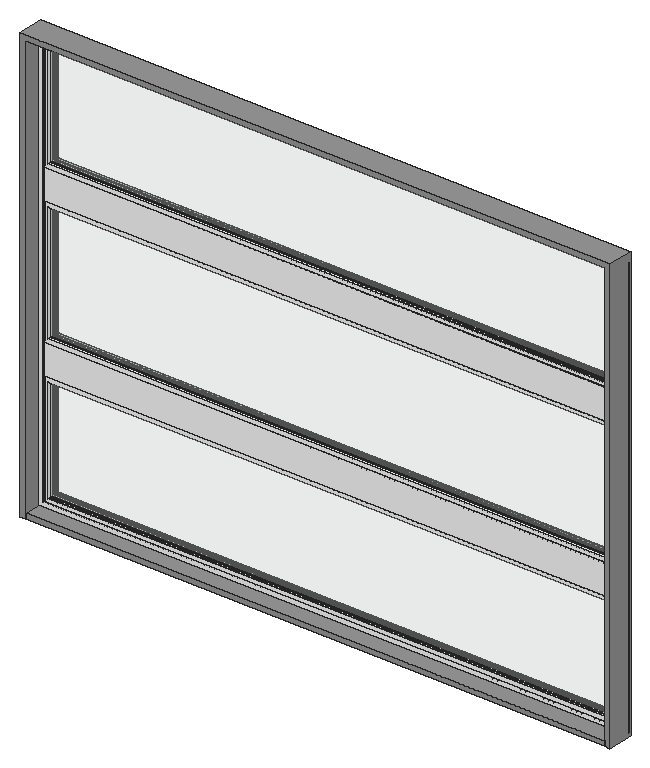
Revit family "WBW_F_1vak Hor_3vak Ver", category Windows, host Wall, Revit 2013
Parameters
  Versterking Buitenzijde = no
  Versterking Binnenzijde = yes
  VerborgenVleugelVerzwaard = no
  URL = "http://www.kawneer.com/bcs/architectuursystemen/en/about/locations.asp"
  Type Comments = "Vrij te parameteriseren Revit Model"  # constant formula
  Spouwdiepte = 130 mm
  Speling Pui_buitenblad MW Onderzijde = 10 mm
  Speling Pui_ buitenblad MW = 10 mm
  ScheduleType |RF| = "WBC_W_F"
  RT 72 = no
  RT 62 = yes
  RT 52 = no
  Operation = "IfcWindow"
  OffsetVkKozijnVkStelkozijn = 13 mm
  Nen 5096 R.c. 2 = no
  NL-SfB-Code = "31.21.22"  # constant formula
  Model = "NLSfb naam"
  Manufacturer Tel. = "+31341-464631 / harold.kok@arconic.com"  # constant formula
  Manufacturer = ""
  Kleur H&S = Aluminum, Anodized Silver
  Kleur Buitenzijde Vleugel = Kawneer RAL 9010
  Kleur Buitenzijde = Kawneer RAL 9010
  Kleur Binnenzijde Vleugel = Kawneer RAL 9010
  Kleur Binnenzijde = Kawneer RAL 9010
  Keynote = "30.34"
  Hoogte Tussen regel 5 = 0 mm
  Hoogte Tussen regel 4 = 0 mm
  Hoogte Tussen regel 3 = 0 mm
  Hoogte Tussen regel 2 = 1400 mm
  Hoogte Tussen regel 1 = 700 mm
  Height = 2200 mm
  HalveSpouw_OffsetVkKozijn_Stelkozijn = HalveSpouw + OffsetVkKozijnVkStelkozijn  # 78 mm
  HalveSpouw = Spouwdiepte / 2  # 65 mm
  GlassType = Glass, Clear Glazing, Low E
  Glasdikte (totaal) = 29 mm  # constant formula
  DikteStelkozijn_SpelingPui_BuitenbladMW = Dikte Stelkozijn - Speling Pui_ buitenblad MW  # 17 mm
  DikteStelkozijnOnderzijde_SpelingPui_BuitenbladMWOnderzijde = Dikte Stelkozijn onderzijde - Speling Pui_buitenblad MW Onderzijde  # 17 mm
  Dikte Stelkozijn onderzijde = 27 mm
  Dikte Stelkozijn = 27 mm
  Diepte Versterking Buitenzijde_30_50_85 = 30 mm
  Diepte Versterking Binnenzijde_30_55_75 = 75 mm
  Description 2 = if(RT 52, "' Standaard systeemomschrijving RT 52 standaard vlak", if(RT 62, "Standaard systeemomschrijving RT 62 standaard vlak", "Standaard systeemomschrijving RT 72 standaard vlak"))  # "Standaard systeemomschrijving RT 62 standaard vlak"
  Description = if(RT 52, "Kawneer RT 52 raamelement volgens productomschrijving:", if(RT 62, "Kawneer RT 62 raamelement volgens productomschrijving:", "Kawneer RT 72 raamelement volgens productomschrijving:"))  # "Kawneer RT 62 raamelement volgens productomschrijving:"
  Default Sill Height = 450 mm
  Wall Closure = By host
  Width = 3000 mm
  Cost = 0
  BreedteMaat_5 = 0 mm
  BreedteMaat_4 = 0 mm
  BreedteMaat_3 = 0 mm
  BreedteMaat_2 = Width * (2 / 3)  # 2000 mm
  BreedteMaat_1 = Width * (1 / 3)  # 1000 mm
  Brandwerendheid_old = no
  Brandwerendheid = no
  Brandwerend volgens: = if(and(RT 52, Brandwerendheid), "Niet mogelijk binnen dit systeem_kiest u RT 62 of RT 72", if(and(RT 62, Brandwerendheid), "Nen 6069 criteria Ew30 mits uitgevoerd conform rapport 2010-Efectis-R0226[Rev.4] Brandbeoordeling EW 30", if(and(RT 72, Brandwerendheid), "Nen 6069 criteria Ew30 mits uitgevoerd concorm rapport g2013005803r001DGMR RT72 brandbeoordeling EW30", "-")))  # "-"
  Beslag Resume 05 = if(Nen 5096 R.c. 2, "Inbraakwerend volgens attest kawneer SKG.0055.0292.07.NL (klasse 2)", "Niet inbraakwerend")  # "Niet inbraakwerend"
  Beslag Resume 04 = "Vaste beglazing"  # constant formula
  Assembly Code = "B2020110"
  Analytic Construction = "<None>"
  Aanzichtbreedte Tussen Stijlen _68_78_88_110_150_200mm = 78
  Aanzichtbreedte Tussen Regels _68_78_88_110_150_200mm = 200
  Aanzichtbreedte Kozijn Profielen_68_78_88_110_150mm = 68
  AanzichtLijnDraai = no
  Aanzicht Tussen Stijl 88mm = (Aanzichtbreedte Tussen Stijlen _68_78_88_110_150_200mm = 88)  # no
  Aanzicht Tussen Stijl 78mm = (Aanzichtbreedte Tussen Stijlen _68_78_88_110_150_200mm = 78)  # yes
  Aanzicht Tussen Stijl 68mm = (Aanzichtbreedte Tussen Stijlen _68_78_88_110_150_200mm = 68)  # no
  Aanzicht Tussen Stijl 200mm = (Aanzichtbreedte Tussen Stijlen _68_78_88_110_150_200mm = 200)  # no
  Aanzicht Tussen Stijl 150mm = (Aanzichtbreedte Tussen Stijlen _68_78_88_110_150_200mm = 150)  # no
  Aanzicht Tussen Stijl 110mm = (Aanzichtbreedte Tussen Stijlen _68_78_88_110_150_200mm = 110)  # no
  Aanzicht Tussen Stijl = ""
  Aanzicht Tussen Regel 88mm = (Aanzichtbreedte Tussen Regels _68_78_88_110_150_200mm = 88)  # no
  Aanzicht Tussen Regel 78mm = (Aanzichtbreedte Tussen Regels _68_78_88_110_150_200mm = 78)  # no
  Aanzicht Tussen Regel 68mm = (Aanzichtbreedte Tussen Regels _68_78_88_110_150_200mm = 68)  # no
  Aanzicht Tussen Regel 200mm = (Aanzichtbreedte Tussen Regels _68_78_88_110_150_200mm = 200)  # yes
  Aanzicht Tussen Regel 150mm = (Aanzichtbreedte Tussen Regels _68_78_88_110_150_200mm = 150)  # no
  Aanzicht Tussen Regel 110mm = (Aanzichtbreedte Tussen Regels _68_78_88_110_150_200mm = 110)  # no
  Aanzicht Tussen Regel = ""
  Aanzicht Kader 88mm = (Aanzichtbreedte Kozijn Profielen_68_78_88_110_150mm = 88)  # no
  Aanzicht Kader 78mm = (Aanzichtbreedte Kozijn Profielen_68_78_88_110_150mm = 78)  # no
  Aanzicht Kader 68mm = (Aanzichtbreedte Kozijn Profielen_68_78_88_110_150mm = 68)  # yes
  Aanzicht Kader 110mm = (Aanzichtbreedte Kozijn Profielen_68_78_88_110_150mm = 110)  # no
  Aanzicht Kader = ""
Reference planes
  plane 1 "Center (Front/Back)": y = 0
  plane 2 "Center (Left/Right)": x = 0
  plane 3 "Left": x = -1500
  plane 4 "Right": x = 1500
  plane 5 "Sill": z = 450
  plane 6 "Head": z = 2650
  plane 7 "Exterior": y = 100
  plane 8 "Interior": y = -100
  plane 9 "Dagkant Buitenblad metselwerk Links": x = -1510
  plane 10 "Dagkant Buitenblad metselwerk Rechts": x = 1510
  plane 11 "Dagkant Stelkozijn_Binnenblad metselwewrk Links": x = -1483
  plane 12 "Dagkant Stelkozijn_Binnenblad metselwewrk Rechts": x = 1483
  plane 13 "VK Pui": y = 78
  plane 14 "AK Buitenblad MW": y = 90
  plane 15 "VK Stelkozijn": y = 65
  plane 16 "AK Pui": y = -40
  plane 17 "VK Binnenblad MW": y = -65
  plane 18: z = 2660
  plane 19: z = 2633
  plane 20: z = 467
  plane 21: z = 440
Forms (mm)
  Sweep 1, void
    path origin (0, 100, 0) x (1, 0, 0) y (0, 0, 1)
      loop
        line (1500, 2650) -> (-1500, 2650) -> (-1500, 450) -> (1500, 450) -> (1500, 2650)
    profile origin (0, 100, 2650) x (0, 0, -1) y (0, -1, 0)
      loop
        line (-10, 0) -> (17, 0) -> (17, 165) -> (-10, 165) -> (-10, 0)
  Extrusion 2, void
    sketch origin (0, 100, 0) x (1, 0, 0) y (0, 0, 1)
      loop
        line (1483, 2633) -> (-1483, 2633) -> (-1483, 467) -> (1483, 467) -> (1483, 2633)
    from 0 to 200
  Sweep 3, solid, material "Wood"
    path origin (0, 0, 0) x (1, 0, 0) y (0, 0, 1)
      loop
        line (1499.822, 440) -> (1499.822, 2650) -> (-1500, 2650) -> (-1500, 440)
    profile origin (-0.089, 0, 2650) x (0, 0, -1) y (0, -1, 0)
      loop
        line (-10, -65) -> (17, -65) -> (17, 65) -> (-10, 65) -> (-10, -65)
  Sweep 4, solid, material "Wood"
    path origin (0, 0, 0) x (1, 0, 0) y (0, 0, 1)
      loop
        line (1482.822, 450) -> (-1483, 450)
    profile origin (-0.089, 0, 450) x (0, 0, -1) y (0, -1, 0)
      loop
        line (-17, -65) -> (10, -65) -> (10, 65) -> (-17, 65) -> (-17, -65)
Text (mm)
  text "EXTERIOR" at (-1963.203, 1332.353, 0), in view "Ref. Level"
  text "INTERIOR" at (-1981.466, -818.386, 0), in view "Ref. Level"
  text "Exterior" at (0, 923.751, 2943.296), in view "Right"
  text "Exterior" at (0, 1040.484, 2685.409), in view "Left"
Dimensions and locks
  equal spacing: plane 3 "Left", plane 2 "Center (Left/Right)", plane 4 "Right"
  "Width": plane 3 "Left" to plane 4 "Right"
  "Height": plane 5 "Sill" to plane 6 "Head"
  "Default Sill Height": plane 5 "Sill" to level
  locked: plane 7 "Exterior" to host wall at 0
  locked: plane 8 "Interior" to host wall
  "Speling Pui_ buitenblad MW": plane 9 "Dagkant Buitenblad metselwerk Links" to plane 3 "Left"
  "Speling Pui_ buitenblad MW": plane 4 "Right" to plane 10 "Dagkant Buitenblad metselwerk Rechts"
  "DikteStelkozijn_SpelingPui_BuitenbladMW": plane 3 "Left" to plane 11 "Dagkant Stelkozijn_Binnenblad metselwewrk Links"
  "DikteStelkozijn_SpelingPui_BuitenbladMW": plane 12 "Dagkant Stelkozijn_Binnenblad metselwewrk Rechts" to plane 4 "Right"
  "Speling Pui_ buitenblad MW": plane 6 "Head" to plane 18
  "Speling Pui_buitenblad MW Onderzijde": plane 5 "Sill" to plane 21
  "DikteStelkozijn_SpelingPui_BuitenbladMW": plane 19 to plane 6 "Head"
  "DikteStelkozijnOnderzijde_SpelingPui_BuitenbladMWOnderzijde": plane 5 "Sill" to plane 20
  "HalveSpouw": plane 15 "VK Stelkozijn" to plane 1 "Center (Front/Back)"
  "HalveSpouw": plane 1 "Center (Front/Back)" to plane 17 "VK Binnenblad MW"
  "HalveSpouw_OffsetVkKozijn_Stelkozijn": plane 13 "VK Pui" to plane 1 "Center (Front/Back)"
  aligned and locked: Sweep 1 sketch curve to plane 6 "Head"
  aligned and locked: Sweep 1 sketch curve to plane 4 "Right"
  aligned and locked: plane 5 "Sill" to Sweep 1 sketch curve
  aligned and locked: plane 3 "Left" to Sweep 1 sketch curve
  aligned and locked: Sweep 1 sketch curve to plane 18
  aligned and locked: plane 19 to Sweep 1 sketch curve
  aligned and locked: plane 17 "VK Binnenblad MW" to Sweep 1 sketch curve
  aligned and locked: Extrusion 2 sketch curve to Sweep 1  (x4)
  aligned and locked: host wall to Extrusion 2
  aligned and locked: Sweep 3 sketch curve to plane 6 "Head"
  aligned and locked: Sweep 3 sketch curve to plane 18
  aligned and locked: Sweep 3 sketch curve to plane 15 "VK Stelkozijn"
  aligned and locked: plane 19 to Sweep 3 sketch curve
  aligned and locked: plane 17 "VK Binnenblad MW" to Sweep 3 sketch curve
  aligned and locked: plane 21 to Sweep 3 sketch curve
  aligned and locked: plane 3 "Left" to Sweep 3 sketch curve
  aligned and locked: Sweep 4 sketch curve to plane 20
  aligned and locked: Sweep 4 sketch curve to plane 15 "VK Stelkozijn"
  aligned and locked: Sweep 4 sketch curve to Sweep 3  (x2)
  aligned and locked: nested 1 to plane 13 "VK Pui"
  aligned and locked: plane 6 "Head" to nested 1
  aligned and locked: plane 4 "Right" to nested 1
Automatic sketch dimensions
  Sweep 1 sketch curve to plane 7 "Exterior" = 0 mm
  Sweep 3 sketch curve to plane 21 = 0 mm
  plane 4 "Right" to Sweep 3 sketch curve = 0.178 mm
  Sweep 4 sketch curve to plane 5 "Sill" = 0 mm
  plane 11 "Dagkant Stelkozijn_Binnenblad metselwewrk Links" to Sweep 4 sketch curve = 0 mm
  plane 12 "Dagkant Stelkozijn_Binnenblad metselwewrk Rechts" to Sweep 4 sketch curve = 0.178 mm
Nested families
  nested 1: "GMW_F_1vak Hor_3vak Ver" at (0, 78, 1550), type "GMW_F_1vak Hor_3vak Ver"
    with HLPM 2145 mm
Definition of nested family "GMW_F_1vak Hor_3vak Ver"
  Parameters (values of type "GMW_F_1vak Hor_3vak Ver")
    Width = 3000 mm
    Versterking Buitenzijde = no
    Versterking Binnenzijde = yes
    VerborgenWaterAfvoer = no
    SysteemDiepteVleugel = SysteemDiepte + 7.8 mm  # 70 mm
    SysteemDiepte = if(RT 52, 52.2 mm, if(RT 62, 62.2 mm, 72.2 mm))  # 62.2 mm
    SweepOffset = (BodyHeight + 44 mm) / 2  # 34 mm
    ScharnierenAan_Uit = yes
    RT 72 = no
    RT 62 = yes
    RT 52 = no
    P3vleugel = SysteemDiepteVleugel - 32 mm  # 38 mm
    P3 = SysteemDiepte - 20.7 mm  # 41.5 mm
    Kleur H&S = Aluminum, Anodized Silver
    Kleur Buitenzijde Vleugel = Kawneer RAL 9010
    Kleur Buitenzijde = Kawneer RAL 9010
    Kleur Binnenzijde Vleugel = Kawneer RAL 9010
    Kleur Binnenzijde = Kawneer RAL 9010
    IsoPositionerVent = if(Aanzicht Vleugel 35mm, 42.7 mm, if(Aanzicht Vleugel 45mm, 52.7 mm, 73.7 mm))  # 52.7 mm
    IsoPositionerTProfile = if(Aanzicht Kader 68mm, 41 mm, if(Aanzicht Kader 78mm, 51 mm, if(Aanzicht Kader 88mm, 61 mm, 83 mm)))  # 41 mm
    Hoogte tussen regel = 645 mm
    Hoogte Tussen regel 5 = 0 mm
    Hoogte Tussen regel 4 = 0 mm
    Hoogte Tussen regel 3 = 0 mm
    Hoogte Tussen regel 2 = 1400 mm
    Hoogte Tussen regel 1 = 700 mm
    Height = 2200 mm
    Handgreep SI_line = no
    Handgreep A_line = no
    HLPM [instance] = 2145 mm
    Glassponning 2 = BodyHeight / 2  # 12 mm
    Glassponning 1 = BodyHeight / 2  # 12 mm
    GlassType = Glass, Clear Glazing, Low E
    Glasdikte (totaal) = 29 mm
    Diepte Versterking Buitenzijde_30_50_85 = 30 mm
    Diepte Versterking Binnenzijde_30_55_75 = 75 mm
    BreedteMaat_5 = 0 mm
    BreedteMaat_4 = 0 mm
    BreedteMaat_3 = 0 mm
    BreedteMaat_2 = 2000 mm
    BreedteMaat_1 = 1000 mm
    BodyHeightVent = if(Aanzicht Vleugel 35mm, 15.7 mm, if(Aanzicht Vleugel 45mm, 25.7 mm, 46.7 mm))  # 25.7 mm
    BodyHeight = if(Aanzicht Kader 68mm, 24 mm, if(Aanzicht Kader 78mm, 34 mm, if(Aanzicht Kader 88mm, 44 mm, 66 mm)))  # 24 mm
    Beslag Nen 5096 R.c. 3 = no
    Beslag Nen 5096 R.c. 2 = no
    AanzichtlLijnVal = no
    AanzichtLijnDraai = no
    Aanzicht Vleugel 66mm = no
    Aanzicht Vleugel 45mm = yes
    Aanzicht Vleugel 35mm = no
    Aanzicht Vleugel = ""
    Aanzicht Tussen Stijl 88mm = no
    Aanzicht Tussen Stijl 78mm = yes
    Aanzicht Tussen Stijl 68mm = no
    Aanzicht Tussen Stijl 200mm = no
    Aanzicht Tussen Stijl 150mm = no
    Aanzicht Tussen Stijl 110mm = no
    Aanzicht Tussen Stijl = ""
    Aanzicht Tussen Regel 88mm = no
    Aanzicht Tussen Regel 78mm = no
    Aanzicht Tussen Regel 68mm = no
    Aanzicht Tussen Regel 200mm = yes
    Aanzicht Tussen Regel 150mm = no
    Aanzicht Tussen Regel 110mm = no
    Aanzicht Tussen Regel = ""
    Aanzicht Kader 88mm = no
    Aanzicht Kader 78mm = no
    Aanzicht Kader 68mm = yes
    Aanzicht Kader 110mm = no
    Aanzicht Kader = ""
  Reference planes
    plane 1 "Center (Front/Back)": y = 0
    plane 2: z = 0
    plane 3 "Center (Left/Right)": x = 0
    plane 4 "LP Top": z = 1100
    plane 5 "LP Left": x = -1500
    plane 6 "LP Right": x = 1500
    plane 7: y = 7.6
    plane 8: y = 36.6
    plane 9: y = 62.2
    plane 10: z = 0
    plane 11 "LP Bottom": z = -1100
    plane 12: z = -400
    plane 13: x = -500
    plane 14: z = 402.74
  Dimensions and locks
    plane 1 "Center (Front/Back)" to plane 7 = 7.6 mm
    plane 7 to plane 8 = 29 mm
    "SysteemDiepte": plane 1 "Center (Front/Back)" to plane 9
    "Height": plane 4 "LP Top" to plane 11 "LP Bottom"
    "Width": plane 5 "LP Left" to plane 6 "LP Right"
    "Hoogte Tussen regel 1": plane 12 to plane 11 "LP Bottom"
    equal spacing: plane 4 "LP Top", level, plane 11 "LP Bottom"
    equal spacing: plane 5 "LP Left", plane 3 "Center (Left/Right)", plane 6 "LP Right"
    aligned and locked: level to plane 2
    aligned and locked: plane 4 "LP Top" to nested 1
    aligned and locked: plane 11 "LP Bottom" to nested 1
    aligned and locked: plane 5 "LP Left" to nested 1
    aligned and locked: plane 6 "LP Right" to nested 1
    aligned and locked: nested 1 to nested 2  (x2)
    aligned and locked: nested 1 to nested 3  (x3)
    aligned and locked: nested 3 to nested 2
    aligned and locked: plane 12 to nested 2
    aligned and locked: plane 1 "Center (Front/Back)" to nested 4
    aligned and locked: nested 1 to nested 4  (x3)
    aligned and locked: plane 14 to nested 5
    aligned and locked: nested 1 to nested 5  (x2)
    aligned and locked: nested 5 to nested 4
    aligned and locked: nested 6 to nested 5
    aligned and locked: nested 2 to nested 6
    aligned and locked: nested 1 to nested 6  (x2)
  Nested families
    nested 1: "KADER" at (0, 0, -1100), type "KADER"
      with HLPM 2200 mm, BLMP 3000 mm, SysteemDiepte 62.2 mm, RT 72 no, RT 62 yes, P3 41.5 mm
    nested 2: "RT 72H T profiel REINF" at (-454, 0, -400), type "T"
      with FPL 2908 mm
    nested 3: "Glasvast" at (0, 0, -776.63), type "Glasvast"
      with Grip#2 2908 mm, Grip#1 576 mm, GlasHoogte 1386 mm, GlasBreedte 1186 mm
    nested 4: "Glasvast" at (0, 0, 756.74), type "Glasvast"
      with Grip#2 2908 mm, Grip#1 573.26 mm, GlasHoogte 1386 mm, GlasBreedte 1186 mm
    nested 5: "RT 72H T profiel REINF" at (-454, 0, 402.74), type "T"
      with FPL 2908 mm
    nested 6: "Glasvast" at (0, 0, -9.26), type "Glasvast"
      with Grip#2 2908 mm, Grip#1 646.74 mm, GlasHoogte 1386 mm, GlasBreedte 1186 mm
  Definition of nested family "KADER"
    Parameters (values of type "KADER")
      VerborgenWaterAfvoer = yes
      SysteemDiepte = 72.2 mm
      SweepOffset = 34 mm
      RT 72 = yes
      RT 62 = no
      RT 52 = no
      P3 = 51.5 mm
      Kleur Buitenzijde = ALCOA RAL 3000
      Kleur Binnenzijde = ALCOA RAL 9010
      IsoPositionerTProfile = 41 mm
      HLPM [instance] = 1800 mm
      Glassponning 2 = 12 mm
      Glassponning 1 = 12 mm
      BodyHeight = 24 mm
      BLMP [instance] = 1200 mm
      Aanzicht Kader 88mm = no
      Aanzicht Kader 78mm = no
      Aanzicht Kader 68mm = yes
      Aanzicht Kader 110mm = no
    Reference planes
      plane 1 "Center (Front/Back)": y = 0
      plane 2: z = 0
      plane 3 "Center (Left/Right)": x = 0
      plane 4 "LP Top": z = 1800
      plane 5: z = 1778
      plane 6: z = 1754
      plane 7: z = 22
      plane 8: z = 46
      plane 9: x = -566
      plane 10: x = -578
      plane 11 "LP Left": x = -600
      plane 12: x = 554
      plane 13: x = 578
      plane 14 "LP Right": x = 600
      plane 15: x = -554
      plane 16: z = 34
      plane 17: z = 1766
      plane 18: x = 566
      plane 19: z = 0
      plane 20 "BinnenzijdeKozijn": y = 72.2
    Forms (mm)
      Sweep 1, solid, material "ALCOA RAL 3000" <- "Kleur Buitenzijde"
        path origin (0, 0, 0) x (1, 0, 0) y (0, 0, 1)
          loop
            line (566, 34) -> (566, 1766) -> (-566, 1766) -> (-566, 34) -> (566, 34)
        profile "T VWA buitenschaal : RT NL" origin (0, 0, 34) x (0, 0, -1) y (0, -1, 0)
          loop
            line (34, 0) -> (-34, 0) -> (-34, -4) -> (-31.5, -4) -> (-31.5, -3) -> (-32.8, -3) -> (-32.8, -1.4) -> (-27.2, -1.4) -> (-27.2, -3) -> (-28.5, -3) -> (-28.5, -4) -> (-24.5, -4) -> (-24.5, -3.2) -> (-26, -3.2) -> (-26, -1.6) -> (-23, -1.6) -> (-7, -1.806) -> (-7, -16.3) -> (-10.5, -16.3) -> (-10.5, -14.7) -> (-11.5, -14.7) -> (-11.5, -19.2) -> (-10.5, -19.2) -> (-10.5, -17.8) -> (-7, -17.8) -> (-7, -21.9) -> (-5.1, -20.7) -> (5.1, -20.7) -> (7, -21.9) -> (7, -17.8) -> (10.5, -17.8) -> (10.5, -19.2) -> (11.5, -19.2) -> (11.5, -14.7) -> (10.5, -14.7) -> (10.5, -16.3) -> (7, -16.3) -> (7, -10.2) -> (28.563, -10.2) -> (28.563, -9.2) -> (27.263, -9.2) -> (27.263, -7.6) -> (32.863, -7.6) -> (32.863, -9.2) -> (31.563, -9.2) -> (31.563, -10.2) -> (34, -10.2) -> (34, 0)
      Sweep 2, solid
        path origin (0, 0, 0) x (1, 0, 0) y (0, 0, 1)
          loop
            line (566, 34) -> (566, 1766) -> (-566, 1766) -> (-566, 34) -> (566, 34)
        profile "T-profiel Iso : RT NL" origin (0, 0, 34) x (0, 0, -1) y (0, -1, 0)
          loop
            line (4.886, -50.521) -> (6.95, -49.33) -> (6.95, -27.2) -> (11.45, -27.2) -> (11.45, -24.6) -> (10.45, -24.6) -> (10.45, -26) -> (6.95, -26) -> (6.95, -22.836) -> (4.886, -21.644) -> (4.886, -20.7) -> (-4.886, -20.7) -> (-4.886, -21.644) -> (-6.95, -22.836) -> (-6.95, -26) -> (-10.45, -26) -> (-10.45, -24.6) -> (-11.45, -24.6) -> (-11.45, -27.2) -> (-6.95, -27.2) -> (-6.95, -49.33) -> (-4.886, -50.521) -> (-4.886, -51.5) -> (4.886, -51.5) -> (4.886, -50.521)
      Sweep 3, solid, material "ALCOA RAL 9010" <- "Kleur Binnenzijde"
        path origin (0, 0, 0) x (1, 0, 0) y (0, 0, 1)
          loop
            line (566, 34) -> (566, 1766) -> (-566, 1766) -> (-566, 34) -> (566, 34)
        profile "T binnenschaal : RT NL" origin (0, 0, 34) x (0, 0, -1) y (0, -1, 0)
          loop
            line (12.003, -72.2) -> (12.003, -68) -> (10.503, -68) -> (10.503, -70.4) -> (7, -70.4) -> (7, -55.7) -> (10.503, -55.7) -> (10.503, -57.78) -> (11.803, -57.78) -> (11.803, -52.4) -> (10.503, -52.4) -> (10.503, -54) -> (7, -54) -> (7, -50.3) -> (5.1, -51.5) -> (-5.1, -51.5) -> (-7.062, -50.279) -> (-7.062, -54) -> (-10.497, -54) -> (-10.497, -52.4) -> (-11.797, -52.4) -> (-11.797, -57.8) -> (-10.497, -57.8) -> (-10.497, -55.7) -> (-7, -55.7) -> (-7, -70.4) -> (-10.497, -70.4) -> (-10.497, -68) -> (-11.997, -68) -> (-11.997, -72.2) -> (12.003, -72.2)
      Sweep 4, solid
        path origin (0, 0, 0) x (1, 0, 0) y (0, 0, 1)
          loop
            line (-600, 0) -> (600, 0) -> (600, 1800) -> (-600, 1800) -> (-600, 0)
        profile origin (-600, 0, 900) x (-1, 0, 0) y (0, -1, 0)
          loop
            line (-0.372, -10.397) -> (-2.491, -10.397) -> (-2.491, -9.06) -> (-1.662, -9.06) -> (-1.662, -7.996) -> (-6.3, -7.996) -> (-6.3, -9.06) -> (-5.389, -9.06) -> (-5.389, -10.397) -> (-8.271, -10.397) -> (-8.271, -12.283) -> (-6.728, -13.197) -> (-0.922, -13.197) -> (0.092, -12.184) -> (0.092, -11.075) -> (-0.372, -10.397)
    Lines and regions (mm)
      model lines
        curve 1: line (532, 0, 68) -> (600.092, 0, -0.092)
        curve 2: line (-532, 0, 68) -> (-600.092, 0, -0.092)
        curve 3: line (-600.092, 0, 1800.092) -> (-532, 0, 1732)
        curve 4: line (600, 0, 1800) -> (532, 0, 1732)
        curve 5: line (554.003, 72.2, 45.997) -> (578.003, 72.2, 21.997)
        curve 6: line (-554.003, 72.2, 45.997) -> (-578.003, 72.2, 21.997)
        curve 7: line (-554.003, 72.2, 1754.003) -> (-578.003, 72.2, 1778.003)
        curve 8: line (554.003, 72.2, 1754.003) -> (578.003, 72.2, 1778.003)
    Dimensions and locks
      equal spacing: plane 11 "LP Left", plane 3 "Center (Left/Right)", plane 14 "LP Right"
      "BLMP": plane 11 "LP Left" to plane 14 "LP Right"
      "SweepOffset": plane 4 "LP Top" to plane 17
      "SweepOffset": plane 16 to level
      "SweepOffset": plane 18 to plane 14 "LP Right"
      "SweepOffset": plane 11 "LP Left" to plane 9
      "Glassponning 1": plane 9 to plane 10
      "Glassponning 2": plane 15 to plane 9
      "Glassponning 1": plane 16 to plane 7
      "Glassponning 2": plane 8 to plane 16
      "Glassponning 2": plane 18 to plane 12
      "Glassponning 1": plane 13 to plane 18
      "Glassponning 1": plane 5 to plane 17
      "Glassponning 2": plane 17 to plane 6
      "HLPM": plane 4 "LP Top" to plane 19
      "SysteemDiepte": plane 1 "Center (Front/Back)" to plane 20 "BinnenzijdeKozijn"
      aligned and locked: level to plane 2
      aligned and locked: nested 2 to plane 1 "Center (Front/Back)"
      aligned and locked: plane 1 "Center (Front/Back)" to nested 1
      aligned and locked: nested 1 to plane 11 "LP Left"
      aligned and locked: nested 3 to plane 1 "Center (Front/Back)"
      aligned and locked: nested 3 to level
      aligned and locked: plane 1 "Center (Front/Back)" to nested 4
      aligned and locked: nested 4 to plane 4 "LP Top"
      aligned and locked: level to plane 19
      aligned and locked: curve 5 to Sweep 3
      aligned and locked: Sweep 3 to curve 5
      aligned and locked: Sweep 3 to curve 8
      aligned and locked: nested 2 to plane 14 "LP Right"
    Automatic sketch dimensions
      Sweep 1 sketch curve to plane 9 = 0 mm
      Sweep 1 sketch curve to plane 16 = 0 mm
      Sweep 1 sketch curve to plane 18 = 0 mm
      Sweep 1 sketch curve to plane 17 = 0 mm
      Sweep 2 sketch curve to plane 9 = 0 mm
      Sweep 2 sketch curve to plane 16 = 0 mm
      Sweep 2 sketch curve to plane 18 = 0 mm
      Sweep 2 sketch curve to plane 17 = 0 mm
      Sweep 3 sketch curve to plane 9 = 0 mm
      Sweep 3 sketch curve to plane 17 = 0 mm
      Sweep 3 sketch curve to plane 18 = 0 mm
      Sweep 3 sketch curve to plane 16 = 0 mm
      Sweep 4 sketch curve to plane 4 "LP Top" = 0 mm
      plane 14 "LP Right" to Sweep 4 sketch curve = 0 mm
      plane 11 "LP Left" to Sweep 4 sketch curve = 0 mm
      Sweep 4 sketch curve to level = 0 mm
      profile plane to Sweep 4 sketch curve = 8.271 mm
      Sweep 4 sketch curve to plane 1 "Center (Front/Back)" = 13.197 mm
      Sweep 4 sketch curve to Sweep 4 sketch curve = 1.543 mm
      Sweep 4 sketch curve to Sweep 4 sketch curve = 1.971 mm
      Sweep 4 sketch curve to Sweep 4 sketch curve = 0.91 mm
      profile plane to Sweep 4 sketch curve = 2.491 mm
      Sweep 4 sketch curve to Sweep 4 sketch curve = 0.829 mm
      profile plane to Sweep 4 sketch curve = 0.922 mm
      Sweep 4 sketch curve to profile plane = 0.092 mm
      profile plane to Sweep 4 sketch curve = 0.372 mm
      Sweep 4 sketch curve to Sweep 4 sketch curve = 0.914 mm
      Sweep 4 sketch curve to Sweep 4 sketch curve = 1.013 mm
      Sweep 4 sketch curve to Sweep 4 sketch curve = 1.886 mm
      Sweep 4 sketch curve to Sweep 4 sketch curve = 0 mm
      Sweep 4 sketch curve to Sweep 4 sketch curve = 1.338 mm  (x2)
      Sweep 4 sketch curve to Sweep 4 sketch curve = 1.063 mm
      Sweep 4 sketch curve to Sweep 4 sketch curve = 0.677 mm
      curve 4 to plane 4 "LP Top" = 0 mm
      curve 4 to plane 14 "LP Right" = 0 mm
      plane 12 to curve 1 = 22 mm
      plane 12 to curve 4 = 22 mm
      curve 3 to plane 15 = 22 mm
      curve 2 to plane 15 = 22 mm
      plane 11 "LP Left" to curve 2 = 0.092 mm
      plane 11 "LP Left" to curve 3 = 0.092 mm
      curve 1 to plane 14 "LP Right" = 0.092 mm
      curve 4 to plane 6 = 22 mm
      curve 3 to plane 6 = 22 mm
      plane 8 to curve 1 = 22 mm
      plane 8 to curve 2 = 22 mm
      curve 2 to level = 0.092 mm
      curve 1 to level = 0.092 mm
      plane 4 "LP Top" to curve 3 = 0.092 mm
      plane 5 to curve 8 = 0.003 mm
      plane 5 to curve 7 = 0.003 mm
      plane 6 to curve 8 = 0.003 mm
      plane 6 to curve 7 = 0.003 mm
      curve 6 to plane 8 = 0.003 mm
      curve 5 to plane 8 = 0.003 mm
      curve 6 to plane 7 = 0.003 mm
      curve 5 to plane 7 = 0.003 mm
      curve 8 to plane 12 = 0.003 mm
      plane 15 to curve 7 = 0.003 mm
      plane 15 to curve 6 = 0.003 mm
      curve 7 to plane 10 = 0.003 mm
      curve 6 to plane 10 = 0.003 mm
    Nested families
      nested 1: "T VWA" at (-600, 0, 0), type "T VWA"
        with IsoPositionerTProfile 41 mm, Aanzicht 68mm yes, Aanzicht 110mm no
      nested 2: "T VWA" at (600, 0, 0) x (-1, 0, 0) z (0, 0, 1), type "T VWA"
        with IsoPositionerTProfile 41 mm, Aanzicht 68mm yes, Aanzicht 110mm no
      nested 3: "T VWA" at (0, 0, 0) x (0, 0, 1) z (1, 0, 0), type "T VWA"
        with IsoPositionerTProfile 41 mm, Aanzicht 68mm yes, Aanzicht 110mm no
      nested 4: "T VWA" at (0, 0, 1800) x (0, 0, -1) z (1, 0, 0), type "T VWA"
        with IsoPositionerTProfile 41 mm, Aanzicht 68mm yes, Aanzicht 110mm no
    Definition of nested family "T VWA"
      Parameters (values of type "test T")
        SysteemDiepte = 72.2 mm
        RT 72 = yes
        RT 62 = no
        RT 52 = no
        IsoPositionerTProfile = if(Aanzicht 68mm, 41 mm, if(Aanzicht 78mm, 51 mm, if(Aanzicht 88mm, 61 mm, 83 mm)))  # 83 mm
        Aanzicht 88mm = no
        Aanzicht 78mm = no
        Aanzicht 68mm = no
        Aanzicht 110mm = yes
      Reference planes
        plane 1 "Center (Front/Back)": y = 0
        plane 2: z = 0
        plane 3 "Center (Left/Right)": x = 0
        plane 4: x = 33.893
        plane 5: x = 83
        plane 6: y = 28.95
        plane 7: y = 41.565
        plane 8: y = 72.2
      Lines and regions (mm)
        model lines, style "Medium Lines", in view "Ref. Level", detail levels medium
          curve 1: line (0, 0, 0) -> (115.4, 0, 0)
          curve 2: line (27.05, 49.442, 0) -> (27.05, 22.903, 0)
      Dimensions and locks
        "SysteemDiepte": plane 8 to plane 1 "Center (Front/Back)"
        "IsoPositionerTProfile": plane 3 "Center (Left/Right)" to plane 5
        aligned and locked: import instance to plane 8  (x2)
        aligned and locked: plane 8 to import instance  (x2)
        aligned and locked: plane 5 to import instance  (x2)
        aligned and locked: import instance to plane 5
        aligned and locked: curve 2 to import instance
        aligned and locked: import instance to import instance  (x3)
      Automatic sketch dimensions
        curve 1 to plane 3 "Center (Left/Right)" = 0 mm
        plane 1 "Center (Front/Back)" to curve 1 = 0 mm
        plane 5 to curve 1 = 32.4 mm
        curve 2 to plane 6 = 6.047 mm
        plane 7 to curve 2 = 7.878 mm
  Definition of nested family "RT 72H T profiel REINF"
    Parameters (values of type "T")
      voidref1 = (BodyHeight + 44 mm) / 2  # 100 mm
      Voidpar#1 = BodyHeight + 44 mm  # 200 mm
      Versterking Buitenzijde = no
      Versterking Binnenzijde = yes
      URL = "http://www.kawneer.com/bcs/architectuursystemen/en/about/locations.asp"
      Type Comments = "ALCOA"
      SysteemDiepte = 62.2 mm
      ReinforcementInteriorLength = KaderLink  # 24 mm
      ReinforcementInterior = and(Aanzicht Tussen Stijl 78mm, Versterking Binnenzijde)  # no
      ReinforcementExteriorLenght = KaderLink + 22 mm  # 46 mm
      ReinforcementExterior = and(Aanzicht Tussen Stijl 78mm, Versterking Buitenzijde)  # no
      RT 72 = no
      RT 62 = yes
      RT 52 = no
      P3 = 41.5 mm
      Model = "T-profiel Kawneer RT-series"
      Manufacturer = ""
      Kleur buitenschaal = Kawneer RAL 9010
      Kleur binnenschaal = Kawneer RAL 9010
      KaderLink = 24 mm
      Glassponning 2 = BodyHeight / 2  # 78 mm
      Glassponning 1 = BodyHeight / 2  # 78 mm
      FPL [instance] = 2000 mm
      Diepte Versterking Buitenzijde_30_50_85 = 30 mm
      Diepte Versterking Binnenzijde_30_55_75 = 75 mm
      Default Elevation = 1219.2 mm
      BodyHeight = if(Aanzicht Tussen Stijl 68mm, 24 mm, if(Aanzicht Tussen Stijl 78mm, 34 mm, if(Aanzicht Tussen Stijl 88mm, 44 mm, if(Aanzicht Tussen Stijl 110mm, 66 mm, if(Aanzicht Tussen Stijl 150mm, 106 mm, 156 mm)))))  # 156 mm
      Aanzicht Tussen Stijl 88mm = no
      Aanzicht Tussen Stijl 78mm = no
      Aanzicht Tussen Stijl 68mm = no
      Aanzicht Tussen Stijl 200mm = yes
      Aanzicht Tussen Stijl 150mm = no
      Aanzicht Tussen Stijl 110mm = no
    Reference planes
      plane 1 "Center (Front/Back)": y = 0
      plane 2: z = 0
      plane 3 "Center (Left/Right)": z = 0
      plane 4 "Left edge": z = 0
      plane 5 "Right edge": z = 0
      plane 6 "TOP": x = -1000
      plane 7 "Bottom": x = 1000
      plane 8 "Glassponning 1": z = -78
      plane 9 "Glassponning 2": z = 78
      plane 10: x = -1046
      plane 11: x = 1046
      plane 12: x = -1024
      plane 13: x = 1024
    Forms (mm)
      Sweep 1, solid
        path origin (58.778, 0, 0) x (-1, 0, 0) y (0, 0, -1)
          loop
            line (-941.222, 0) -> (1058.778, 0)
        profile "T-profiel Iso : RT NL" origin (0, 0, 0) x (0, 0, -1) y (0, -1, 0)
          loop
            line (-70.886, -40.521) -> (-70.886, -41.5) -> (70.886, -41.5) -> (70.886, -40.521) -> (72.95, -39.33) -> (72.95, -27.2) -> (77.45, -27.2) -> (77.45, -24.6) -> (76.45, -24.6) -> (76.45, -26) -> (72.95, -26) -> (72.95, -22.836) -> (70.886, -21.644) -> (70.886, -20.7) -> (-70.886, -20.7) -> (-70.886, -21.644) -> (-72.95, -22.836) -> (-72.95, -26) -> (-76.45, -26) -> (-76.45, -24.6) -> (-77.45, -24.6) -> (-77.45, -27.2) -> (-72.95, -27.2) -> (-72.95, -39.33) -> (-70.886, -40.521)
      Sweep 2, solid, material "Kawneer RAL 9010" <- "Kleur buitenschaal"
        path origin (58.778, 0, 0) x (-1, 0, 0) y (0, 0, -1)
          loop
            line (-941.222, 0) -> (1058.778, 0)
        profile "T buitenschaal : RT NL" origin (0, 0, 0) x (0, 0, -1) y (0, -1, 0)
          loop
            line (-100, 0) -> (-100, -4) -> (-97.5, -4) -> (-97.5, -3) -> (-98.8, -3) -> (-98.8, -1.4) -> (-93.2, -1.4) -> (-93.2, -3) -> (-94.5, -3) -> (-94.5, -4) -> (-90.5, -4) -> (-90.5, -3.2) -> (-92, -3.2) -> (-92, -1.6) -> (-89, -1.6) -> (-73, -1.806) -> (-73, -16.3) -> (-76.5, -16.3) -> (-76.5, -14.7) -> (-77.5, -14.7) -> (-77.5, -19.2) -> (-76.5, -19.2) -> (-76.5, -17.8) -> (-73, -17.8) -> (-73, -21.886) -> (-70.886, -20.666) -> (70.886, -20.666) -> (73, -21.886) -> (73, -17.8) -> (76.5, -17.8) -> (76.5, -19.2) -> (77.5, -19.2) -> (77.5, -14.7) -> (76.5, -14.7) -> (76.5, -16.3) -> (73, -16.3) -> (73, -1.806) -> (89, -1.6) -> (92, -1.6) -> (92, -3.2) -> (90.5, -3.2) -> (90.5, -4) -> (94.5, -4) -> (94.5, -3) -> (93.2, -3) -> (93.2, -1.4) -> (98.8, -1.4) -> (98.8, -3) -> (97.5, -3) -> (97.5, -4) -> (100, -4) -> (100, 0) -> (-100, 0)
      Sweep 3, solid, material "Kawneer RAL 9010" <- "Kleur binnenschaal"
        path origin (58.778, 0, 0) x (-1, 0, 0) y (0, 0, -1)
          loop
            line (-941.222, 0) -> (1058.778, 0)
        profile "T binnenschaal : RT NL" origin (0, 0, 0) x (0, 0, -1) y (0, -1, 0)
          loop
            line (-78.003, -62.2) -> (77.997, -62.2) -> (77.997, -58) -> (76.497, -58) -> (76.497, -60.4) -> (73, -60.4) -> (73, -45.7) -> (76.497, -45.7) -> (76.497, -47.8) -> (77.797, -47.8) -> (77.797, -42.4) -> (76.497, -42.4) -> (76.497, -44) -> (73.062, -44) -> (73.062, -40.279) -> (71.1, -41.5) -> (-71.1, -41.5) -> (-73, -40.3) -> (-73, -44) -> (-76.503, -44) -> (-76.503, -42.4) -> (-77.803, -42.4) -> (-77.803, -47.78) -> (-76.503, -47.78) -> (-76.503, -45.7) -> (-73, -45.7) -> (-73, -60.4) -> (-76.503, -60.4) -> (-76.503, -58) -> (-78.003, -58) -> (-78.003, -62.2)
      Extrusion 4, void
        sketch origin (13.516, 0, 0) x (0, 1, 0) y (-1, 0, 0)
          loop
            line (0, 1013.516) -> (0, 991.516) -> (4, 991.516) -> (4, 1013.516) -> (0, 1013.516)
        from 100 to -100
      Extrusion 5, void
        sketch origin (13.516, 0, 0) x (0, 1, 0) y (-1, 0, 0)
          loop
            line (0, -986.484) -> (4, -986.484) -> (4, -964.484) -> (0, -964.484) -> (0, -986.484)
        from 100 to -100
      Sweep 6, solid, material "Kawneer RAL 9010" <- "Kleur buitenschaal", visible <- "ReinforcementExterior"
        path origin (0, 0, 0) x (0, 0, 1) y (-1, 0, 0)
          loop
            line (0, 1046) -> (0, -1046)
        profile origin (0, 0, 0) x (0, 0, 1) y (0, -1, 0)
          loop
            line (-19, 0) -> (19, 0) -> (19, 30) -> (-19, 30) -> (-19, 0)
      Sweep 7, solid, material "Kawneer RAL 9010" <- "Kleur binnenschaal", visible <- "ReinforcementInterior"
        path origin (0, 0, 0) x (0, 0, 1) y (-1, 0, 0)
          loop
            line (0, 1024) -> (0, -1024)
        profile origin (0, 0, 0) x (0, 0, 1) y (0, -1, 0)
          loop
            line (-7, -62.2) -> (-7, -137.2) -> (7, -137.2) -> (7, -62.2) -> (-7, -62.2)
    Cuts and joins
      Extrusion 4, Extrusion 5 cuts Sweep 2
    Text (mm)
      text "Left edge" at (-1120.566, 0, -175.589), in view "Front"
      text "Right edge" at (-1120.566, 0, 112.009), in view "Front"
    Dimensions and locks
      "FPL": plane 6 "TOP" to plane 7 "Bottom"
      plane 6 "TOP" to plane 7 "Bottom" = 2000 mm
      "Glassponning 1": plane 8 "Glassponning 1" to plane 3 "Center (Left/Right)"
      "Glassponning 2": plane 9 "Glassponning 2" to plane 3 "Center (Left/Right)"
      "ReinforcementExteriorLenght": plane 10 to plane 6 "TOP"
      "ReinforcementExteriorLenght": plane 7 "Bottom" to plane 11
      Sweep 6 sketch curve to Sweep 6 sketch curve = 38 mm
      "Diepte Versterking Buitenzijde_30_50_85": Sweep 6 sketch curve to Sweep 6 sketch curve
      "ReinforcementInteriorLength": plane 7 "Bottom" to plane 13
      "ReinforcementInteriorLength": plane 12 to plane 6 "TOP"
      "Diepte Versterking Binnenzijde_30_55_75": Sweep 7 sketch curve to Sweep 3
      aligned and locked: level to plane 2
      aligned and locked: Sweep 1 to plane 7 "Bottom"
      aligned and locked: cut or joined group of Sweep 2, Extrusion 4, Extrusion 5 to plane 7 "Bottom"
      aligned and locked: Sweep 3 to plane 7 "Bottom"
      aligned and locked: plane 6 "TOP" to Sweep 3 sketch curve
      aligned and locked: Sweep 3 to Sweep 2 sketch curve
      aligned and locked: Sweep 1 sketch curve to cut or joined group of Sweep 2, Extrusion 4, Extrusion 5
      aligned and locked: plane 6 "TOP" to Extrusion 4 sketch curve
      aligned and locked: plane 13 to Sweep 7 sketch curve
      aligned and locked: Sweep 7 sketch curve to plane 3 "Center (Left/Right)"
      aligned and locked: Sweep 7 sketch curve to Sweep 3
    Automatic sketch dimensions
      Sweep 1 sketch curve to level = 0 mm
      plane 7 "Bottom" to Sweep 1 sketch curve = 0 mm
      Sweep 2 sketch curve to level = 0 mm
      plane 7 "Bottom" to Sweep 2 sketch curve = 0 mm
      Sweep 3 sketch curve to level = 0 mm
      plane 7 "Bottom" to Sweep 3 sketch curve = 0 mm
      plane 1 "Center (Front/Back)" to Extrusion 4 sketch curve = 0 mm
      Extrusion 4 sketch curve to plane 6 "TOP" = 22 mm
      Extrusion 4 sketch curve to Extrusion 4 sketch curve = 4 mm
      plane 1 "Center (Front/Back)" to Extrusion 5 sketch curve = 0 mm
      Extrusion 5 sketch curve to plane 7 "Bottom" = 0 mm
      Extrusion 5 sketch curve to plane 1 "Center (Front/Back)" = 4 mm
      plane 7 "Bottom" to Extrusion 5 sketch curve = 22 mm
      Sweep 6 sketch curve to level = 0 mm
      plane 11 to Sweep 6 sketch curve = 0 mm
      plane 10 to Sweep 6 sketch curve = 0 mm
      plane 12 to Sweep 7 sketch curve = 0 mm
      Sweep 6 sketch curve to plane 1 "Center (Front/Back)" = 0 mm
      profile plane to Sweep 6 sketch curve = 19 mm
      profile plane to Sweep 7 sketch curve = 7 mm
      Sweep 7 sketch curve to profile plane = 7 mm
    Nested families
      nested 1: "DI_RT_TussenStijl" at (-1000, 0, 0) x (0, 0, 1) z (-1, 0, 0), type "DI_RT_TussenStijl"
        with VersterkingInterior_30 no, VersterkingExterior_30 no, Versterking Buitenzijde no, Diepte Versterking Binnenzijde_30_55_75 75 mm, Aanzicht Tussen Stijl 78mm no, Aanzicht Tussen Stijl 200mm yes
    Definition of nested family "DI_RT_TussenStijl"
      Parameters (values of type "DI_RT_TussenStijl")
        VersterkingInterior_75 = and(Aanzicht Tussen Stijl 78mm, Versterking Binnenzijde, Diepte Versterking Binnenzijde_30_55_75 = 75 mm)  # no
        VersterkingInterior_55 = and(Aanzicht Tussen Stijl 78mm, Versterking Binnenzijde, Diepte Versterking Binnenzijde_30_55_75 = 55 mm)  # no
        VersterkingInterior_30 = and(Aanzicht Tussen Stijl 78mm, Versterking Binnenzijde, Diepte Versterking Binnenzijde_30_55_75 = 30 mm)  # yes
        VersterkingExterior_85 = and(Aanzicht Tussen Stijl 78mm, Versterking Buitenzijde, Diepte Versterking Buitenzijde_30_50_85 = 85 mm)  # no
        VersterkingExterior_50 = and(Aanzicht Tussen Stijl 78mm, Versterking Buitenzijde, Diepte Versterking Buitenzijde_30_50_85 = 50 mm)  # no
        VersterkingExterior_30 = and(Aanzicht Tussen Stijl 78mm, Versterking Buitenzijde, Diepte Versterking Buitenzijde_30_50_85 = 30 mm)  # yes
        Versterking Buitenzijde = yes
        Versterking Binnenzijde = yes
        SysteemDiepte = 62.2 mm
        RT 72 = no
        RT 62 = yes
        RT 52 = no
        IsoPositionerTProfile = (BodyHeight / 2) - 5 mm  # 73 mm
        Diepte Versterking Buitenzijde_30_50_85 = 30 mm
        Diepte Versterking Binnenzijde_30_55_75 = 30 mm
        BodyHeight = 156 mm
        Aanzicht Tussen Stijl 88mm = no
        Aanzicht Tussen Stijl 78mm = yes
        Aanzicht Tussen Stijl 68mm = no
        Aanzicht Tussen Stijl 200mm = no
        Aanzicht Tussen Stijl 150mm = no
        Aanzicht Tussen Stijl 110mm = no
      Reference planes
        plane 1 "Center (Front/Back)": y = 0
        plane 2: z = 0
        plane 3 "Center (Left/Right)": x = 0
        plane 4: y = 62.2
        plane 5: x = -73
        plane 6: x = 73
      Dimensions and locks
        "SysteemDiepte": plane 1 "Center (Front/Back)" to plane 4
        "IsoPositionerTProfile": plane 5 to plane 3 "Center (Left/Right)"
        "IsoPositionerTProfile": plane 3 "Center (Left/Right)" to plane 6
        aligned and locked: import instance to plane 4  (x3)
        aligned and locked: plane 4 to import instance  (x4)
        aligned and locked: import instance to plane 6  (x2)
        aligned and locked: plane 5 to import instance  (x4)
        aligned and locked: plane 6 to import instance  (x2)
      Nested families
        nested 1: "DI_RT_TussenStijlVerstevigingen" at (0, 0, 0), type "DI_RT_TussenStijlVerstevigingen", in view "Ref. Level"
          with VersterkingInterior_30 yes, VersterkingExterior_30 yes, BodyHeight 156 mm, Aanzicht Tussen Stijl 78mm yes
      Definition of nested family "DI_RT_TussenStijlVerstevigingen"
        Parameters (values of type "DI_RT_TussenStijlVerstevigingen")
          VersterkingInterior_75 = and(Aanzicht Tussen Stijl 78mm, Versterking Binnenzijde, Diepte Versterking Binnenzijde_30_55_75 = 75 mm)  # no
          VersterkingInterior_55 = and(Aanzicht Tussen Stijl 78mm, Versterking Binnenzijde, Diepte Versterking Binnenzijde_30_55_75 = 55 mm)  # no
          VersterkingInterior_30 = and(Aanzicht Tussen Stijl 78mm, Versterking Binnenzijde, Diepte Versterking Binnenzijde_30_55_75 = 30 mm)  # no
          VersterkingExterior_85 = and(Aanzicht Tussen Stijl 78mm, Versterking Buitenzijde, Diepte Versterking Buitenzijde_30_50_85 = 85 mm)  # no
          VersterkingExterior_50 = and(Aanzicht Tussen Stijl 78mm, Versterking Buitenzijde, Diepte Versterking Buitenzijde_30_50_85 = 50 mm)  # no
          VersterkingExterior_30 = and(Aanzicht Tussen Stijl 78mm, Versterking Buitenzijde, Diepte Versterking Buitenzijde_30_50_85 = 30 mm)  # no
          Versterking Buitenzijde = yes
          Versterking Binnenzijde = yes
          SysteemDiepte = 62.2 mm
          RT 72 = no
          RT 62 = yes
          RT 52 = no
          Diepte Versterking Buitenzijde_30_50_85 = 30 mm
          Diepte Versterking Binnenzijde_30_55_75 = 30 mm
          BodyHeight = 24 mm
          Aanzicht Tussen Stijl 78mm = no
        Reference planes
          plane 1 "Center (Front/Back)": y = 0
          plane 2: z = 0
          plane 3 "Center (Left/Right)": x = 0
          plane 4: y = 62.2
        Dimensions and locks
          "SysteemDiepte": plane 1 "Center (Front/Back)" to plane 4
          aligned and locked: plane 4 to import instance  (x3)
  Definition of nested family "Glasvast"
    Parameters (values of type "Glasvast")
      SysteemDiepteVleugel = SysteemDiepte + 7.8 mm  # 70 mm
      SysteemDiepte = if(RT 52, 52.2 mm, if(RT 62, 62.2 mm, 72.2 mm))  # 62.2 mm
      RT 72 = no
      RT 62 = yes
      RT 52 = no
      PakketDikte = 29 mm
      Omtrekspeling glas = 7 mm
      OffsetVkprofielVkGlas = 7 mm
      Kleur Binnenzijde Vleugel = none
      Inrolrubber = SysteemDiepte - GlazingBeadDepth  # 43.2 mm
      Grip#2 [instance] = 1200 mm
      Grip#1 [instance] = 1400 mm
      GlazingBeadDepth = if(RT 52, 10 mm, if(RT 62, 19 mm, 31 mm))  # 19 mm
      GlassType = Glass, Clear Glazing, Low E
      GlasHoogte [instance] = 1386 mm
      GlasBreedte [instance] = 1186 mm
    Reference planes
      plane 1 "Center (Front/Back)": y = 0
      plane 2: z = 10.63
      plane 3 "Center (Left/Right)": x = 0
      plane 4 "LP Top": z = 710.63
      plane 5 "LP Left": x = -600
      plane 6 "LP Right": x = 600
      plane 7 "VKGlas": y = 7
      plane 8 "AKGlas": y = 36
      plane 9 "AKKozijn": y = 62.2
      plane 10: z = 703.63
      plane 11: z = -682.37
      plane 12: x = -593
      plane 13: x = 593
      plane 14: y = 43.2
      plane 15: z = -689.37
    Forms (mm)
      Sweep 1, solid
        path origin (0, 7, 0) x (0, 0, -1) y (1, 0, 0)
          loop
            line (-710.63, -600) -> (689.37, -600) -> (689.37, 600) -> (-710.63, 600) -> (-710.63, -600)
        profile "270148 : 270148" origin (0, 7, 710.63) x (0, 0, 1) y (0, -1, 0)
          loop
            line (-24.338, 0) -> (-20.434, 0) -> (-15.59, 1.753) -> (-15.59, 2.6) -> (-16.811, 2.6) -> (-16.811, 4) -> (-15.9, 4) -> (-15.9, 4.88) -> (-16.653, 5.1) -> (-18.947, 5.1) -> (-19.7, 4.827) -> (-19.7, 4) -> (-18.789, 4) -> (-18.789, 2.6) -> (-22.868, 2.6) -> (-23.691, 1.993) -> (-24.338, 0)
      Sweep 2, solid, material <- "Kleur Binnenzijde Vleugel"
        path origin (0, 62.2, 0) x (0, 0, -1) y (1, 0, 0)
          loop
            line (-710.63, 600) -> (-710.63, -600) -> (689.37, -600) -> (689.37, 600) -> (-710.63, 600)
        profile "GlasLat : GlasLat" origin (0, 62.2, 710.63) x (0, 0, -1) y (0, -1, 0)
          loop
            line (20, 19) -> (17.7, 19) -> (17.7, 17.5) -> (18.8, 17.5) -> (18.8, 7.708) -> (-1.911, 14) -> (-1.542, 15.6) -> (-3.07, 15.6) -> (-4.506, 12.909) -> (18.8, 5.829) -> (18.506, 1.5) -> (3.644, 1.5) -> (1.393, 5.4) -> (-1.003, 5.4) -> (-1.003, 4.2) -> (0.7, 4.2) -> (2.259, 1.5) -> (0.2, 1.5) -> (0.2, 0) -> (20, 0) -> (20, 19)
      Sweep 3, solid
        path origin (0, 36, 0) x (0, 0, -1) y (1, 0, 0)
          loop
            line (682.37, -593) -> (682.37, 593) -> (-703.63, 593) -> (-703.63, -593) -> (682.37, -593)
        profile origin (0, 36, -682.37) x (0, 0, 1) y (0, -1, 0)
          loop
            line (13.157, -7.2) -> (14.61, -4.413) -> (15.793, 0) -> (5.805, 0) -> (7.727, -2.744) -> (9.813, -7.2) -> (13.157, -7.2)
      Extrusion 4, solid, material "Glass, Clear Glazing, Low E" <- "GlassType"
        sketch origin (0, 36, 0) x (0, 0, -1) y (1, 0, 0)
          loop
            line (-703.63, -593) -> (682.37, -593) -> (682.37, 593) -> (-703.63, 593) -> (-703.63, -593)
        from 0 to 29 <- "PakketDikte"
    Lines and regions (mm)
      model lines
        curve 1: line (580, 62.2, -669.37) -> (599.8, 62.2, -669.37)
        curve 2: line (-580, 62.2, -669.37) -> (-599.8, 62.2, -669.37)
        curve 3: line (-580, 62.2, 690.63) -> (-599.8, 62.2, 690.63)
        curve 4: line (580, 62.2, 690.63) -> (599.8, 62.2, 690.63)
      symbolic lines, style "GenericModel"
        curve 5: line (593, 0, 10.63) -> (-593, 0, 10.63)
        curve 6: line (-581.2, 62.2, 10.63) -> (581.2, 62.2, 10.63)
    Dimensions and locks
      "OffsetVkprofielVkGlas": plane 1 "Center (Front/Back)" to plane 7 "VKGlas"
      plane 7 "VKGlas" to plane 8 "AKGlas" = 29 mm
      "SysteemDiepte": plane 1 "Center (Front/Back)" to plane 9 "AKKozijn"
      "Grip#2": plane 5 "LP Left" to plane 6 "LP Right"
      "Inrolrubber": plane 1 "Center (Front/Back)" to plane 14
      equal spacing: plane 4 "LP Top", level, plane 15
      "Grip#1": plane 4 "LP Top" to plane 15
      equal spacing: plane 5 "LP Left", plane 3 "Center (Left/Right)", plane 6 "LP Right"
      "Omtrekspeling glas": plane 10 to plane 4 "LP Top"
      "Omtrekspeling glas": plane 15 to plane 11
      "Omtrekspeling glas": plane 13 to plane 6 "LP Right"
      "Omtrekspeling glas": plane 5 "LP Left" to plane 12
      aligned and locked: level to plane 2
      aligned and locked: plane 4 "LP Top" to Sweep 2 sketch curve
      aligned and locked: Sweep 2 sketch curve to plane 6 "LP Right"
      aligned and locked: plane 5 "LP Left" to Sweep 2 sketch curve
      aligned and locked: Sweep 3 sketch curve to plane 14
      aligned and locked: Sweep 2 sketch curve to plane 15
      aligned and locked: plane 15 to Sweep 1 sketch curve
      aligned and locked: Sweep 1 sketch curve to plane 4 "LP Top"
      aligned and locked: plane 11 to Sweep 3 sketch curve
      aligned and locked: plane 5 "LP Left" to Sweep 1 sketch curve
      aligned and locked: Sweep 1 sketch curve to plane 6 "LP Right"
      aligned and locked: Extrusion 4 sketch curve to plane 10
      aligned and locked: Extrusion 4 sketch curve to plane 12
      aligned and locked: plane 11 to Extrusion 4 sketch curve
      aligned and locked: Extrusion 4 sketch curve to plane 13
      aligned and locked: plane 10 to Sweep 3 sketch curve
      aligned and locked: plane 12 to Sweep 3 sketch curve
      aligned and locked: plane 13 to Sweep 3 sketch curve
      aligned and locked: nested 2 to plane 6 "LP Right"
      aligned and locked: nested 2 to plane 1 "Center (Front/Back)"
      aligned and locked: plane 1 "Center (Front/Back)" to nested 3
      aligned and locked: nested 3 to plane 5 "LP Left"
      aligned and locked: nested 1 to plane 15
      aligned and locked: nested 1 to plane 1 "Center (Front/Back)"
      aligned and locked: nested 4 to plane 4 "LP Top"
      aligned and locked: plane 1 "Center (Front/Back)" to nested 4
    Automatic sketch dimensions
      Sweep 3 sketch curve to plane 8 "AKGlas" = 0 mm
      Sweep 3 sketch curve to profile plane = 5.805 mm
      Sweep 3 sketch curve to plane 8 "AKGlas" = 2.744 mm
      Sweep 3 sketch curve to Sweep 3 sketch curve = 1.921 mm
      Sweep 3 sketch curve to Sweep 3 sketch curve = 2.086 mm
      Sweep 3 sketch curve to Sweep 3 sketch curve = 3.344 mm
      Sweep 3 sketch curve to Sweep 3 sketch curve = 2.636 mm
      Sweep 3 sketch curve to Sweep 3 sketch curve = 1.453 mm
      Sweep 3 sketch curve to plane 8 "AKGlas" = 4.413 mm
      plane 6 "LP Right" to curve 4 = 0.2 mm
      curve 4 to plane 10 = 13 mm
      curve 3 to plane 5 "LP Left" = 0.2 mm
      curve 3 to plane 10 = 13 mm
      plane 11 to curve 2 = 13 mm
      plane 6 "LP Right" to curve 1 = 0.2 mm
      plane 11 to curve 1 = 13 mm
      curve 2 to plane 5 "LP Left" = 0.2 mm
      curve 3 to plane 12 = 13 mm
      curve 2 to plane 12 = 13 mm
      curve 4 to plane 13 = 13 mm
      curve 1 to plane 13 = 13 mm
      plane 1 "Center (Front/Back)" to curve 5 = 0 mm
      curve 5 to plane 12 = 0 mm
      curve 5 to plane 13 = 0 mm
      plane 9 "AKKozijn" to curve 6 = 0 mm
      curve 6 to plane 12 = 11.8 mm
      curve 6 to plane 13 = 11.8 mm
    Nested families
      nested 1: "DI_GlasVast" at (0, 0, -689.37) x (0, 1, 0) z (1, 0, 0), type "DI_GlasVast"
        with SysteemDiepte 62.2 mm, RT 62 yes, RT 52 no, OffsetVkprofielVkGlas 7 mm
      nested 2: "DI_GlasVast" at (600, 0, 10.63) x (0, 1, 0) z (0, 0, 1), type "DI_GlasVast"
        with SysteemDiepte 62.2 mm, RT 62 yes, RT 52 no, OffsetVkprofielVkGlas 7 mm
      nested 3: "DI_GlasVast" at (-600, 0, 10.63) x (0, 1, 0) z (0, 0, 1), type "DI_GlasVast"
        with SysteemDiepte 62.2 mm, RT 62 yes, RT 52 no, OffsetVkprofielVkGlas 7 mm
      nested 4: "DI_GlasVast" at (0, 0, 710.63) x (0, 1, 0) z (1, 0, 0), type "DI_GlasVast"
        with SysteemDiepte 62.2 mm, RT 62 yes, RT 52 no, OffsetVkprofielVkGlas 7 mm
    Definition of nested family "DI_GlasVast"
      Parameters (values of type "DI_GlasVast")
        SysteemDiepte = 52.2 mm
        RT 72 = no
        RT 62 = no
        RT 52 = yes
        OffsetVkprofielVkGlas = 6.322 mm
      Reference planes
        plane 1 "Center (Front/Back)": y = 0
        plane 2: z = 0
        plane 3 "Center (Left/Right)": x = 0
        plane 4: x = 52.2
        plane 5: x = 6.322
      Dimensions and locks
        "SysteemDiepte": plane 3 "Center (Left/Right)" to plane 4
        "OffsetVkprofielVkGlas": plane 3 "Center (Left/Right)" to plane 5
        aligned and locked: plane 5 to import instance
        aligned and locked: import instance to import instance  (x3)
        aligned and locked: plane 4 to import instance  (x3)
